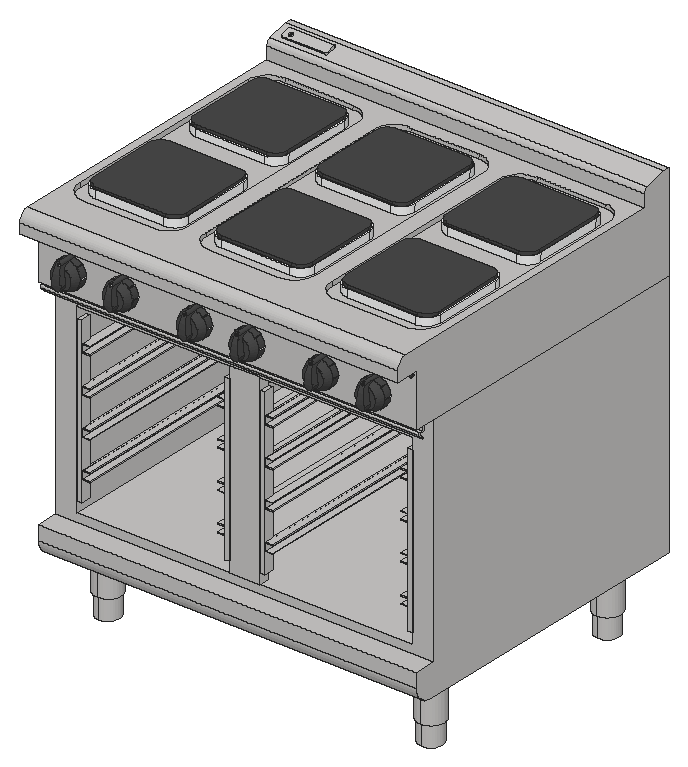
Revit family "QF_Moffat_RNL8600SE-CB_Electric_Cooktops_Sealed_Hobs_cat", category Specialty Equipment, Revit 2019
Family settings
  Round Connector Dimension = Use Diameter
  Part Type = Normal
  Work Plane-Based = No
  Always vertical = Yes
  Cut with Voids When Loaded = No
  Shared = No
  Room Calculation Point = No
Parameters (values of type "QF_Moffat_RNL8600SE-CB")
  Weight in Kilograms = 130
  Watts = 9130 W
  Volts = 415 V
  URL Cutsheet = ""
  Specification by User = ""
  Specification by Manufacturer = ""
  Serial Number = ""
  Seismic Rating = ""
  SMACNA No = ""
  Revision Code = ""
  Phase = 3
  Number of Poles = 1
  NAFEM Spec ID Number = ""
  Model = "RNL8600SE-CB"
  Min Ckt Ampacity = 0 A
  Max Overcurrent Protection = 0 A
  Masterspec = ""
  Manufacturer = "Moffat"
  Length = 900 mm
  Item Number = ""
  Installed By = ""
  Identify Quantity as Lot = yes
  Height = 970 mm
  HP = ""
  Furnished By = ""
  Foodservice Equipment Identifier = yes
  FL Amps = 22 A
  Electrical Remarks = ""
  Electric Connection Type = ""
  Elec Conn RI Height = 0 mm
  Elec Conn Connection Height = 0 mm
  Description = "Electric Cooktops Sealed Hobs"
  Depth = 805 mm
  Cycle = 60 Hz
  Conn Plug = ""
  Conn Conduit = yes
  CSI MasterFormat = ""
  Apparent Power = if(Phase = 3, Volts * FL Amps * 1.73, Volts * FL Amps)  # 15794.9 VA
Reference planes
  plane 1 "BACK": y = 0
  plane 2: z = 0
  plane 3 "LEFT": x = 0
  plane 4 "RIGHT": x = 900
  plane 5 "FRONT": y = -805
  plane 6 "TOP": z = 915
  plane 7 "Center Y": x = 450
  plane 8 "Center X": y = -402.5
  plane 9: x = 65.5
  plane 10: x = 87.5
  plane 11: x = 211.766
  plane 12: y = -30
  plane 13: x = 770
  plane 14: x = 512.5
  plane 15: x = 388.234
  plane 16: x = 834.5
  plane 17: z = 150
  plane 18: y = -100
  plane 19: y = -625
  plane 20: z = 675
  plane 21: x = 812.5
  plane 22: x = 688.234
  plane 23: z = 970
Forms (mm)
  Extrusion 1, solid, material "QF_Metal_Stainless_Polished"
    sketch origin (0, 0, 600) x (0, 1, 0) y (0, 0, 1)
      loop
        line (0, 140) -> (0, 370) -> (-15, 370) -> (-61.106, 357.646)
        arc (-61.106, 357.646) -> (-67.52, 353.36) -> (-70, 346.055) r 12
        line (-70, 346.055) -> (-70, 315) -> (-781, 315)
        arc (-781, 315) -> (-797.971, 307.971) -> (-805, 291) r 24
        line (-805, 291) -> (-805, 266) -> (-749, 266) -> (-749, 140) -> (0, 140)
    from 0 to 900
  Extrusion 2, void
    sketch origin (0, -783.97, 914.5) x (0, 1, 0) y (-1, 0, 0)
      loop
        arc (681.97, -69) -> (667.325, -33.645) -> (631.97, -19) r 50
        line (631.97, -19) -> (131.97, -19)
        arc (131.97, -19) -> (96.615, -33.645) -> (81.97, -69) r 50
        line (81.97, -69) -> (81.97, -231)
        arc (81.97, -231) -> (96.615, -266.355) -> (131.97, -281) r 50
        line (131.97, -281) -> (631.97, -281)
        arc (631.97, -281) -> (667.325, -266.355) -> (681.97, -231) r 50
        line (681.97, -231) -> (681.97, -69)
      loop
        line (681.97, -831) -> (681.97, -669)
        arc (681.97, -669) -> (667.325, -633.645) -> (631.97, -619) r 50
        line (631.97, -619) -> (131.97, -619)
        arc (131.97, -619) -> (96.615, -633.645) -> (81.97, -669) r 50
        line (81.97, -669) -> (81.97, -831)
        arc (81.97, -831) -> (96.615, -866.355) -> (131.97, -881) r 50
        line (131.97, -881) -> (631.97, -881)
        arc (631.97, -881) -> (667.325, -866.355) -> (681.97, -831) r 50
      loop
        arc (81.97, -531) -> (96.615, -566.355) -> (131.97, -581) r 50
        line (131.97, -581) -> (631.97, -581)
        arc (631.97, -581) -> (667.325, -566.355) -> (681.97, -531) r 50
        line (681.97, -531) -> (681.97, -369)
        arc (681.97, -369) -> (667.325, -333.645) -> (631.97, -319) r 50
        line (631.97, -319) -> (131.97, -319)
        arc (131.97, -319) -> (96.615, -333.645) -> (81.97, -369) r 50
        line (81.97, -369) -> (81.97, -531)
    from 0.5 to -9.5
  Extrusion 3, solid, material "QF_Plastic_White_Smooth"
    sketch origin (0, -783.97, 905) x (0, 1, 0) y (-1, 0, 0)
      loop
        arc (645.97, -68) -> (636.597, -45.373) -> (613.97, -36) r 32
        line (613.97, -36) -> (449.97, -36)
        arc (449.97, -36) -> (427.343, -45.373) -> (417.97, -68) r 32
        line (417.97, -68) -> (417.97, -232)
        arc (417.97, -232) -> (427.343, -254.627) -> (449.97, -264) r 32
        line (449.97, -264) -> (613.97, -264)
        arc (613.97, -264) -> (636.597, -254.627) -> (645.97, -232) r 32
        line (645.97, -232) -> (645.97, -68)
      loop
        arc (345.97, -68) -> (336.597, -45.373) -> (313.97, -36) r 32
        line (313.97, -36) -> (149.97, -36)
        arc (149.97, -36) -> (127.343, -45.373) -> (117.97, -68) r 32
        line (117.97, -68) -> (117.97, -232)
        arc (117.97, -232) -> (127.343, -254.627) -> (149.97, -264) r 32
        line (149.97, -264) -> (313.97, -264)
        arc (313.97, -264) -> (336.597, -254.627) -> (345.97, -232) r 32
        line (345.97, -232) -> (345.97, -68)
      loop
        arc (645.97, -368) -> (636.597, -345.373) -> (613.97, -336) r 32
        line (613.97, -336) -> (449.97, -336)
        arc (449.97, -336) -> (427.343, -345.373) -> (417.97, -368) r 32
        line (417.97, -368) -> (417.97, -532)
        arc (417.97, -532) -> (427.343, -554.627) -> (449.97, -564) r 32
        line (449.97, -564) -> (613.97, -564)
        arc (613.97, -564) -> (636.597, -554.627) -> (645.97, -532) r 32
        line (645.97, -532) -> (645.97, -368)
      loop
        arc (417.97, -832) -> (427.343, -854.627) -> (449.97, -864) r 32
        line (449.97, -864) -> (613.97, -864)
        arc (613.97, -864) -> (636.597, -854.627) -> (645.97, -832) r 32
        line (645.97, -832) -> (645.97, -668)
        arc (645.97, -668) -> (636.597, -645.373) -> (613.97, -636) r 32
        line (613.97, -636) -> (449.97, -636)
        arc (449.97, -636) -> (427.343, -645.373) -> (417.97, -668) r 32
        line (417.97, -668) -> (417.97, -832)
      loop
        arc (345.97, -368) -> (336.597, -345.373) -> (313.97, -336) r 32
        line (313.97, -336) -> (149.97, -336)
        arc (149.97, -336) -> (127.343, -345.373) -> (117.97, -368) r 32
        line (117.97, -368) -> (117.97, -532)
        arc (117.97, -532) -> (127.343, -554.627) -> (149.97, -564) r 32
        line (149.97, -564) -> (313.97, -564)
        arc (313.97, -564) -> (336.597, -554.627) -> (345.97, -532) r 32
        line (345.97, -532) -> (345.97, -368)
      loop
        arc (117.97, -832) -> (127.343, -854.627) -> (149.97, -864) r 32
        line (149.97, -864) -> (313.97, -864)
        arc (313.97, -864) -> (336.597, -854.627) -> (345.97, -832) r 32
        line (345.97, -832) -> (345.97, -668)
        arc (345.97, -668) -> (336.597, -645.373) -> (313.97, -636) r 32
        line (313.97, -636) -> (149.97, -636)
        arc (149.97, -636) -> (127.343, -645.373) -> (117.97, -668) r 32
        line (117.97, -668) -> (117.97, -832)
    from 0 to 17.8
  Extrusion 4, solid, material "QF_Plastic_Black_Smooth"
    sketch origin (0, -783.97, 922.8) x (0, 1, 0) y (-1, 0, 0)
      loop
        arc (641.97, -67) -> (634.062, -47.908) -> (614.97, -40) r 27
        line (614.97, -40) -> (448.97, -40)
        arc (448.97, -40) -> (429.878, -47.908) -> (421.97, -67) r 27
        line (421.97, -67) -> (421.97, -233)
        arc (421.97, -233) -> (429.878, -252.092) -> (448.97, -260) r 27
        line (448.97, -260) -> (614.97, -260)
        arc (614.97, -260) -> (634.062, -252.092) -> (641.97, -233) r 27
        line (641.97, -233) -> (641.97, -67)
      loop
        arc (341.97, -67) -> (334.062, -47.908) -> (314.97, -40) r 27
        line (314.97, -40) -> (148.97, -40)
        arc (148.97, -40) -> (129.878, -47.908) -> (121.97, -67) r 27
        line (121.97, -67) -> (121.97, -233)
        arc (121.97, -233) -> (129.878, -252.092) -> (148.97, -260) r 27
        line (148.97, -260) -> (314.97, -260)
        arc (314.97, -260) -> (334.062, -252.092) -> (341.97, -233) r 27
        line (341.97, -233) -> (341.97, -67)
      loop
        line (641.97, -833) -> (641.97, -667)
        arc (641.97, -667) -> (634.062, -647.908) -> (614.97, -640) r 27
        line (614.97, -640) -> (448.97, -640)
        arc (448.97, -640) -> (429.878, -647.908) -> (421.97, -667) r 27
        line (421.97, -667) -> (421.97, -833)
        arc (421.97, -833) -> (429.878, -852.092) -> (448.97, -860) r 27
        line (448.97, -860) -> (614.97, -860)
        arc (614.97, -860) -> (634.062, -852.092) -> (641.97, -833) r 27
      loop
        line (421.97, -367) -> (421.97, -533)
        arc (421.97, -533) -> (429.878, -552.092) -> (448.97, -560) r 27
        line (448.97, -560) -> (614.97, -560)
        arc (614.97, -560) -> (634.062, -552.092) -> (641.97, -533) r 27
        line (641.97, -533) -> (641.97, -367)
        arc (641.97, -367) -> (634.062, -347.908) -> (614.97, -340) r 27
        line (614.97, -340) -> (448.97, -340)
        arc (448.97, -340) -> (429.878, -347.908) -> (421.97, -367) r 27
      loop
        line (341.97, -833) -> (341.97, -667)
        arc (341.97, -667) -> (334.062, -647.908) -> (314.97, -640) r 27
        line (314.97, -640) -> (148.97, -640)
        arc (148.97, -640) -> (129.878, -647.908) -> (121.97, -667) r 27
        line (121.97, -667) -> (121.97, -833)
        arc (121.97, -833) -> (129.878, -852.092) -> (148.97, -860) r 27
        line (148.97, -860) -> (314.97, -860)
        arc (314.97, -860) -> (334.062, -852.092) -> (341.97, -833) r 27
      loop
        line (121.97, -367) -> (121.97, -533)
        arc (121.97, -533) -> (129.878, -552.092) -> (148.97, -560) r 27
        line (148.97, -560) -> (314.97, -560)
        arc (314.97, -560) -> (334.062, -552.092) -> (341.97, -533) r 27
        line (341.97, -533) -> (341.97, -367)
        arc (341.97, -367) -> (334.062, -347.908) -> (314.97, -340) r 27
        line (314.97, -340) -> (148.97, -340)
        arc (148.97, -340) -> (129.878, -347.908) -> (121.97, -367) r 27
    from 0 to 6.1
  Extrusion 5, solid, material "QF_Metal_Stainless_Polished"
    sketch origin (0, 0, 600) x (0, 1, 0) y (0, 0, 1)
      loop
        line (-699, 85) -> (0, 85) -> (0, 140) -> (-699, 140) -> (-699, 85)
    from 0 to 900
  Extrusion 6, solid, material "QF_Metal_Stainless_Polished"
    sketch origin (0, 0, 600) x (0, 1, 0) y (0, 0, 1)
      loop
        line (-730.6, 140) -> (-730.6, 130) -> (-740.105, 130)
        arc (-740.105, 130) -> (-743.076, 128.015) -> (-742.379, 124.511) r 3.215
        line (-742.379, 124.511) -> (-731.85, 113.982) -> (-730.719, 115.113) -> (-741.247, 125.642)
        arc (-741.247, 125.642) -> (-741.597, 127.403) -> (-740.105, 128.4) r 1.615
        line (-740.105, 128.4) -> (-729, 128.4) -> (-729, 140) -> (-730.6, 140)
    from 0 to 900
  Extrusion 7, solid, material "QF_Metal_Stainless_Polished"
    sketch origin (450, 175.397, 1819.2) x (0, 1, 0) y (0, 0, 1)
      loop
        line (-874.397, -1109.2) -> (-889.234, -1109.2)
        arc (-889.234, -1109.2) -> (-890.834, -1110.8) -> (-889.234, -1112.4) r 1.6
        line (-889.234, -1112.4) -> (-874.397, -1112.4) -> (-874.397, -1109.2)
    from -400 to 400
  Extrusion 8, solid, material "QF_Paint_Green"
    sketch origin (0, -749, 811.25) x (0, 0, 1) y (-1, 0, 0)
      loop
        circle (29.8, -732.5) r 7.15
      loop
        circle (29.8, -857.5) r 7.15
      loop
        circle (29.8, -431.766) r 7.15
      loop
        circle (29.8, -556.766) r 7.15
      loop
        circle (29.8, -131.031) r 7.15
      loop
        circle (29.8, -256.031) r 7.15
    from 0 to 1.6
  Extrusion 9, solid, material "QF_Plastic_Black_Smooth"
    sketch origin (0, -749, 811.25) x (0, 0, 1) y (-1, 0, 0)
      loop
        circle (42.343, -13.157) r 5
      loop
        circle (42.343, -886.843) r 5
    from 0 to 1.6
  Extrusion 10, solid, material "QF_Metal_Stainless_Polished"
    sketch origin (-6096, 287.266, 675) x (0, 1, 0) y (-1, 0, 0)
      loop
        circle (-317.266, -6866) r 6.35
    from 0 to -1.6
  Extrusion 11, solid, material "QF_Metal_Stainless_Polished"
    sketch origin (-6096, 187.719, 150) x (0, 1, 0) y (-1, 0, 0)
      loop
        line (-187.719, -6096) -> (-886.719, -6096) -> (-886.719, -6146) -> (-235.719, -6146) -> (-235.719, -6946) -> (-886.719, -6946) -> (-886.719, -6996) -> (-187.719, -6996) -> (-187.719, -6096)
    from 0 to 535
  Extrusion 12, solid, material "QF_Metal_Stainless_Polished"
    sketch origin (0, 0, 0) x (0, 1, 0) y (0, 0, 1)
      loop
        line (-48, 150) -> (-48, 242.5) -> (-699, 242.5) -> (-699, 222.5) -> (-749, 222.5) -> (-749, 188)
        arc (-749, 188) -> (-737.87, 161.13) -> (-711, 150) r 38
        line (-711, 150) -> (-48, 150)
    from 0 to 900
  Extrusion 13, solid, material "QF_Metal_Stainless_Polished"
    sketch origin (550, -48, 150) x (0, -1, 0) y (0, 0, 1)
      loop
        line (651, 92.5) -> (651, 535) -> (625.6, 535) -> (625.6, 92.5) -> (651, 92.5)
      loop
        line (0, 535) -> (0, 92.5) -> (25.4, 92.5) -> (25.4, 535) -> (0, 535)
    from 64.5 to 135.5
  Extrusion 14, solid, material "QF_Metal_Stainless_Polished"
    sketch origin (414.5, -48, 150) x (0, -1, 0) y (0, 0, 1)
      loop
        line (651, 507.5) -> (625.6, 507.5) -> (625.6, 117.5) -> (651, 117.5) -> (651, 507.5)
      loop
        line (25.4, 117.5) -> (25.4, 507.5) -> (0, 507.5) -> (0, 117.5) -> (25.4, 117.5)
    from 0 to 11.3
  Extrusion 15, solid, material "QF_Metal_Stainless_Polished"
    sketch origin (50, 0, 150) x (0, -1, 0) y (0, 0, -1)
      loop
        line (699, -507.5) -> (699, -117.5) -> (673.6, -117.5) -> (673.6, -507.5) -> (699, -507.5)
      loop
        line (75.4, -117.5) -> (48, -117.5) -> (48, -507.5) -> (75.4, -507.5) -> (75.4, -117.5)
    from 0 to 11.3
  Extrusion 16, solid, material "QF_Metal_Stainless_Polished"
    sketch origin (50, -48, 267.5) x (0, 0, 1) y (1, 0, 0)
      loop
        line (320, 334.2) -> (321.6, 334.2) -> (321.6, 351.6) -> (338.4, 351.6) -> (338.4, 334.2) -> (340, 334.2) -> (340, 353.2) -> (320, 353.2) -> (320, 334.2)
      loop
        line (230, 334.2) -> (231.6, 334.2) -> (231.6, 351.6) -> (248.4, 351.6) -> (248.4, 334.2) -> (250, 334.2) -> (250, 353.2) -> (230, 353.2) -> (230, 334.2)
      loop
        line (140, 334.2) -> (141.6, 334.2) -> (141.6, 351.6) -> (158.4, 351.6) -> (158.4, 334.2) -> (160, 334.2) -> (160, 353.2) -> (140, 353.2) -> (140, 334.2)
      loop
        line (50, 334.2) -> (51.6, 334.2) -> (51.6, 351.6) -> (68.4, 351.6) -> (68.4, 334.2) -> (70, 334.2) -> (70, 353.2) -> (50, 353.2) -> (50, 334.2)
    from 0 to -649
  Extrusion 17, solid, material "QF_Metal_Stainless_Polished"
    sketch origin (50, -48, 267.5) x (0, 0, 1) y (1, 0, 0)
      loop
        line (320, 30.3) -> (320, 11.3) -> (340, 11.3) -> (340, 30.3) -> (338.4, 30.3) -> (338.4, 12.9) -> (321.6, 12.9) -> (321.6, 30.3) -> (320, 30.3)
      loop
        line (230, 30.3) -> (230, 11.3) -> (250, 11.3) -> (250, 30.3) -> (248.4, 30.3) -> (248.4, 12.9) -> (231.6, 12.9) -> (231.6, 30.3) -> (230, 30.3)
      loop
        line (140, 30.3) -> (140, 11.3) -> (160, 11.3) -> (160, 30.3) -> (158.4, 30.3) -> (158.4, 12.9) -> (141.6, 12.9) -> (141.6, 30.3) -> (140, 30.3)
      loop
        line (50, 30.3) -> (50, 11.3) -> (70, 11.3) -> (70, 30.3) -> (68.4, 30.3) -> (68.4, 12.9) -> (51.6, 12.9) -> (51.6, 30.3) -> (50, 30.3)
    from 0 to -649
  Revolve 18, solid, material "QF_Metal_Stainless_Polished"
    sketch origin (65.5, -4572, -304.8) x (0, 0, -1) y (0, -1, 0)
      loop
        line (-304.8, -3947) -> (-454.8, -3947) -> (-454.8, -3978.75) -> (-354.8, -3978.75) -> (-354.8, -3974.5) -> (-304.8, -3974.5) -> (-304.8, -3947)
      axis (-454.8, -3947) -> (-304.8, -3947)
    angle from 0 to 360
  Revolve 19, solid, material "QF_Metal_Stainless_Polished"
    sketch origin (834.5, -4572, -304.8) x (0, 0, -1) y (0, 1, 0)
      loop
        line (-304.8, 3947) -> (-304.8, 3974.5) -> (-354.8, 3974.5) -> (-354.8, 3978.75) -> (-454.8, 3978.75) -> (-454.8, 3947) -> (-304.8, 3947)
      axis (-454.8, 3947) -> (-304.8, 3947)
    angle from 0 to 360
  Extrusion 20, solid, material "QF_Metal_Stainless_Polished"
    sketch origin (485.5, -48, 150) x (0, -1, 0) y (0, 0, -1)
      loop
        line (651, -507.5) -> (651, -117.5) -> (625.6, -117.5) -> (625.6, -507.5) -> (651, -507.5)
      loop
        line (25.4, -117.5) -> (0, -117.5) -> (0, -507.5) -> (25.4, -507.5) -> (25.4, -117.5)
    from 0 to 11.3
  Extrusion 21, solid, material "QF_Metal_Stainless_Polished"
    sketch origin (850, 0, 150) x (0, -1, 0) y (0, 0, 1)
      loop
        line (699, 507.5) -> (673.6, 507.5) -> (673.6, 117.5) -> (699, 117.5) -> (699, 507.5)
      loop
        line (75.4, 117.5) -> (75.4, 507.5) -> (48, 507.5) -> (48, 117.5) -> (75.4, 117.5)
    from 0 to 11.3
  Extrusion 22, solid, material "QF_Metal_Stainless_Polished"
    sketch origin (850, -48, 267.5) x (0, 0, 1) y (1, 0, 0)
      loop
        line (320, -334.2) -> (320, -353.2) -> (340, -353.2) -> (340, -334.2) -> (338.4, -334.2) -> (338.4, -351.6) -> (321.6, -351.6) -> (321.6, -334.2) -> (320, -334.2)
      loop
        line (230, -334.2) -> (230, -353.2) -> (250, -353.2) -> (250, -334.2) -> (248.4, -334.2) -> (248.4, -351.6) -> (231.6, -351.6) -> (231.6, -334.2) -> (230, -334.2)
      loop
        line (140, -334.2) -> (140, -353.2) -> (160, -353.2) -> (160, -334.2) -> (158.4, -334.2) -> (158.4, -351.6) -> (141.6, -351.6) -> (141.6, -334.2) -> (140, -334.2)
      loop
        line (50, -334.2) -> (50, -353.2) -> (70, -353.2) -> (70, -334.2) -> (68.4, -334.2) -> (68.4, -351.6) -> (51.6, -351.6) -> (51.6, -334.2) -> (50, -334.2)
    from 0 to -649
  Extrusion 23, solid, material "QF_Metal_Stainless_Polished"
    sketch origin (850, -48, 267.5) x (0, 0, 1) y (1, 0, 0)
      loop
        line (320, -30.3) -> (321.6, -30.3) -> (321.6, -12.9) -> (338.4, -12.9) -> (338.4, -30.3) -> (340, -30.3) -> (340, -11.3) -> (320, -11.3) -> (320, -30.3)
      loop
        line (230, -30.3) -> (231.6, -30.3) -> (231.6, -12.9) -> (248.4, -12.9) -> (248.4, -30.3) -> (250, -30.3) -> (250, -11.3) -> (230, -11.3) -> (230, -30.3)
      loop
        line (140, -30.3) -> (141.6, -30.3) -> (141.6, -12.9) -> (158.4, -12.9) -> (158.4, -30.3) -> (160, -30.3) -> (160, -11.3) -> (140, -11.3) -> (140, -30.3)
      loop
        line (50, -30.3) -> (51.6, -30.3) -> (51.6, -12.9) -> (68.4, -12.9) -> (68.4, -30.3) -> (70, -30.3) -> (70, -11.3) -> (50, -11.3) -> (50, -30.3)
    from 0 to -649
  Revolve 24, solid, material "QF_Metal_Stainless_Polished"
    sketch origin (65.5, 3847, -304.8) x (0, 0, -1) y (0, -1, 0)
      loop
        line (-304.8, 3947) -> (-304.8, 3974.5) -> (-354.8, 3974.5) -> (-354.8, 3978.75) -> (-454.8, 3978.75) -> (-454.8, 3947) -> (-304.8, 3947)
      axis (-454.8, 3947) -> (-304.8, 3947)
    angle from 0 to 360
  Revolve 25, solid, material "QF_Metal_Stainless_Polished"
    sketch origin (834.5, 3847, -304.8) x (0, 0, -1) y (0, 1, 0)
      loop
        line (-304.8, -3947) -> (-454.8, -3947) -> (-454.8, -3978.75) -> (-354.8, -3978.75) -> (-354.8, -3974.5) -> (-304.8, -3974.5) -> (-304.8, -3947)
      axis (-454.8, -3947) -> (-304.8, -3947)
    angle from 0 to 360
Cuts and joins
  Extrusion 2 cuts Extrusion 1
  joined: Extrusion 5, Extrusion 11, Extrusion 12
Lines and regions (mm)
  symbolic lines
    curve 1: line (0, 0, 0) -> (900, 0, 0)
    curve 2: line (0, -805, 0) -> (0, 0, 0)
    curve 3: line (900, -805, 0) -> (0, -805, 0)
    curve 4: line (900, 0, 0) -> (900, -805, 0)
    curve 5: line (231, -702, 0) -> (69, -702, 0)
    curve 6: arc (69, -702, 0) -> (33.645, -687.355, 0) -> (19, -652, 0) r 50
    curve 7: line (19, -652, 0) -> (19, -152, 0)
    curve 8: arc (19, -152, 0) -> (33.645, -116.645, 0) -> (69, -102, 0) r 50
    curve 9: line (69, -102, 0) -> (231, -102, 0)
    curve 10: arc (231, -102, 0) -> (266.355, -116.645, 0) -> (281, -152, 0) r 50
    curve 11: line (281, -152, 0) -> (281, -652, 0)
    curve 12: arc (281, -652, 0) -> (266.355, -687.355, 0) -> (231, -702, 0) r 50
    curve 13: arc (369, -702, 0) -> (333.645, -687.355, 0) -> (319, -652, 0) r 50
    curve 14: line (319, -652, 0) -> (319, -152, 0)
    curve 15: arc (319, -152, 0) -> (333.645, -116.645, 0) -> (369, -102, 0) r 50
    curve 16: line (369, -102, 0) -> (531, -102, 0)
    curve 17: arc (531, -102, 0) -> (566.355, -116.645, 0) -> (581, -152, 0) r 50
    curve 18: line (581, -152, 0) -> (581, -652, 0)
    curve 19: arc (581, -652, 0) -> (566.355, -687.355, 0) -> (531, -702, 0) r 50
    curve 20: line (531, -702, 0) -> (369, -702, 0)
    curve 21: arc (669, -702, 0) -> (633.645, -687.355, 0) -> (619, -652, 0) r 50
    curve 22: line (619, -652, 0) -> (619, -152, 0)
    curve 23: arc (619, -152, 0) -> (633.645, -116.645, 0) -> (669, -102, 0) r 50
    curve 24: line (669, -102, 0) -> (831, -102, 0)
    curve 25: arc (831, -102, 0) -> (866.355, -116.645, 0) -> (881, -152, 0) r 50
    curve 26: line (881, -152, 0) -> (881, -652, 0)
    curve 27: arc (881, -652, 0) -> (866.355, -687.355, 0) -> (831, -702, 0) r 50
    curve 28: line (831, -702, 0) -> (669, -702, 0)
    curve 29: arc (532, -666, 0) -> (554.627, -656.627, 0) -> (564, -634, 0) r 32
    curve 30: line (564, -634, 0) -> (564, -470, 0)
    curve 31: arc (564, -470, 0) -> (554.627, -447.373, 0) -> (532, -438, 0) r 32
    curve 32: line (532, -438, 0) -> (368, -438, 0)
    curve 33: arc (368, -438, 0) -> (345.373, -447.373, 0) -> (336, -470, 0) r 32
    curve 34: line (336, -470, 0) -> (336, -634, 0)
    curve 35: arc (336, -634, 0) -> (345.373, -656.627, 0) -> (368, -666, 0) r 32
    curve 36: line (368, -666, 0) -> (532, -666, 0)
    curve 37: arc (533, -662, 0) -> (552.092, -654.092, 0) -> (560, -635, 0) r 27
    curve 38: line (560, -635, 0) -> (560, -469, 0)
    curve 39: arc (560, -469, 0) -> (552.092, -449.908, 0) -> (533, -442, 0) r 27
    curve 40: line (533, -442, 0) -> (367, -442, 0)
    curve 41: arc (367, -442, 0) -> (347.908, -449.908, 0) -> (340, -469, 0) r 27
    curve 42: line (340, -469, 0) -> (340, -635, 0)
    curve 43: arc (340, -635, 0) -> (347.908, -654.092, 0) -> (367, -662, 0) r 27
    curve 44: line (367, -662, 0) -> (533, -662, 0)
    curve 45: line (668, -666, 0) -> (832, -666, 0)
    curve 46: arc (832, -666, 0) -> (854.627, -656.627, 0) -> (864, -634, 0) r 32
    curve 47: line (864, -634, 0) -> (864, -470, 0)
    curve 48: arc (864, -470, 0) -> (854.627, -447.373, 0) -> (832, -438, 0) r 32
    curve 49: line (832, -438, 0) -> (668, -438, 0)
    curve 50: arc (668, -438, 0) -> (645.373, -447.373, 0) -> (636, -470, 0) r 32
    curve 51: line (636, -470, 0) -> (636, -634, 0)
    curve 52: arc (636, -634, 0) -> (645.373, -656.627, 0) -> (668, -666, 0) r 32
    curve 53: line (667, -662, 0) -> (833, -662, 0)
    curve 54: arc (833, -662, 0) -> (852.092, -654.092, 0) -> (860, -635, 0) r 27
    curve 55: line (860, -635, 0) -> (860, -469, 0)
    curve 56: arc (860, -469, 0) -> (852.092, -449.908, 0) -> (833, -442, 0) r 27
    curve 57: line (833, -442, 0) -> (667, -442, 0)
    curve 58: arc (667, -442, 0) -> (647.908, -449.908, 0) -> (640, -469, 0) r 27
    curve 59: line (640, -469, 0) -> (640, -635, 0)
    curve 60: arc (640, -635, 0) -> (647.908, -654.092, 0) -> (667, -662, 0) r 27
    curve 61: arc (636, -334, 0) -> (645.373, -356.627, 0) -> (668, -366, 0) r 32
    curve 62: line (668, -366, 0) -> (832, -366, 0)
    curve 63: arc (832, -366, 0) -> (854.627, -356.627, 0) -> (864, -334, 0) r 32
    curve 64: line (864, -334, 0) -> (864, -170, 0)
    curve 65: arc (864, -170, 0) -> (854.627, -147.373, 0) -> (832, -138, 0) r 32
    curve 66: line (832, -138, 0) -> (668, -138, 0)
    curve 67: arc (668, -138, 0) -> (645.373, -147.373, 0) -> (636, -170, 0) r 32
    curve 68: line (636, -170, 0) -> (636, -334, 0)
    curve 69: arc (640, -335, 0) -> (647.908, -354.092, 0) -> (667, -362, 0) r 27
    curve 70: line (667, -362, 0) -> (833, -362, 0)
    curve 71: arc (833, -362, 0) -> (852.092, -354.092, 0) -> (860, -335, 0) r 27
    curve 72: line (860, -335, 0) -> (860, -169, 0)
    curve 73: arc (860, -169, 0) -> (852.092, -149.908, 0) -> (833, -142, 0) r 27
    curve 74: line (833, -142, 0) -> (667, -142, 0)
    curve 75: arc (667, -142, 0) -> (647.908, -149.908, 0) -> (640, -169, 0) r 27
    curve 76: line (640, -169, 0) -> (640, -335, 0)
    curve 77: arc (533, -362, 0) -> (552.092, -354.092, 0) -> (560, -335, 0) r 27
    curve 78: line (560, -335, 0) -> (560, -169, 0)
    curve 79: arc (560, -169, 0) -> (552.092, -149.908, 0) -> (533, -142, 0) r 27
    curve 80: line (533, -142, 0) -> (367, -142, 0)
    curve 81: arc (367, -142, 0) -> (347.908, -149.908, 0) -> (340, -169, 0) r 27
    curve 82: line (340, -169, 0) -> (340, -335, 0)
    curve 83: arc (340, -335, 0) -> (347.908, -354.092, 0) -> (367, -362, 0) r 27
    curve 84: line (367, -362, 0) -> (533, -362, 0)
    curve 85: arc (532, -366, 0) -> (554.627, -356.627, 0) -> (564, -334, 0) r 32
    curve 86: line (564, -334, 0) -> (564, -170, 0)
    curve 87: arc (564, -170, 0) -> (554.627, -147.373, 0) -> (532, -138, 0) r 32
    curve 88: line (532, -138, 0) -> (368, -138, 0)
    curve 89: arc (368, -138, 0) -> (345.373, -147.373, 0) -> (336, -170, 0) r 32
    curve 90: line (336, -170, 0) -> (336, -334, 0)
    curve 91: arc (336, -334, 0) -> (345.373, -356.627, 0) -> (368, -366, 0) r 32
    curve 92: line (368, -366, 0) -> (532, -366, 0)
    curve 93: arc (233, -362, 0) -> (252.092, -354.092, 0) -> (260, -335, 0) r 27
    curve 94: line (260, -335, 0) -> (260, -169, 0)
    curve 95: arc (260, -169, 0) -> (252.092, -149.908, 0) -> (233, -142, 0) r 27
    curve 96: line (233, -142, 0) -> (67, -142, 0)
    curve 97: arc (67, -142, 0) -> (47.908, -149.908, 0) -> (40, -169, 0) r 27
    curve 98: line (40, -169, 0) -> (40, -335, 0)
    curve 99: arc (40, -335, 0) -> (47.908, -354.092, 0) -> (67, -362, 0) r 27
    curve 100: line (67, -362, 0) -> (233, -362, 0)
    curve 101: arc (232, -366, 0) -> (254.627, -356.627, 0) -> (264, -334, 0) r 32
    curve 102: line (264, -334, 0) -> (264, -170, 0)
    curve 103: arc (264, -170, 0) -> (254.627, -147.373, 0) -> (232, -138, 0) r 32
    curve 104: line (232, -138, 0) -> (68, -138, 0)
    curve 105: arc (68, -138, 0) -> (45.373, -147.373, 0) -> (36, -170, 0) r 32
    curve 106: line (36, -170, 0) -> (36, -334, 0)
    curve 107: arc (36, -334, 0) -> (45.373, -356.627, 0) -> (68, -366, 0) r 32
    curve 108: line (68, -366, 0) -> (232, -366, 0)
    curve 109: arc (260, -469, 0) -> (252.092, -449.908, 0) -> (233, -442, 0) r 27
    curve 110: line (233, -442, 0) -> (67, -442, 0)
    curve 111: arc (67, -442, 0) -> (47.908, -449.908, 0) -> (40, -469, 0) r 27
    curve 112: line (40, -469, 0) -> (40, -635, 0)
    curve 113: arc (40, -635, 0) -> (47.908, -654.092, 0) -> (67, -662, 0) r 27
    curve 114: line (67, -662, 0) -> (233, -662, 0)
    curve 115: arc (233, -662, 0) -> (252.092, -654.092, 0) -> (260, -635, 0) r 27
    curve 116: line (260, -635, 0) -> (260, -469, 0)
    curve 117: arc (264, -470, 0) -> (254.627, -447.373, 0) -> (232, -438, 0) r 32
    curve 118: line (232, -438, 0) -> (68, -438, 0)
    curve 119: arc (68, -438, 0) -> (45.373, -447.373, 0) -> (36, -470, 0) r 32
    curve 120: line (36, -470, 0) -> (36, -634, 0)
    curve 121: arc (36, -634, 0) -> (45.373, -656.627, 0) -> (68, -666, 0) r 32
    curve 122: line (68, -666, 0) -> (232, -666, 0)
    curve 123: arc (232, -666, 0) -> (254.627, -656.627, 0) -> (264, -634, 0) r 32
    curve 124: line (264, -634, 0) -> (264, -470, 0)
    curve 125: line (0, -15, 0) -> (900, -15, 0)
    curve 126: line (0, -70, 0) -> (900, -70, 0)
Dimensions and locks
  equal spacing: plane 3 "LEFT", plane 7 "Center Y", plane 4 "RIGHT"
  "Length": plane 3 "LEFT" to plane 4 "RIGHT"
  equal spacing: plane 5 "FRONT", plane 8 "Center X", plane 1 "BACK"
  "Depth": plane 5 "FRONT" to plane 1 "BACK"
  "Height": plane 23 to level
  plane 4 "RIGHT" to plane 3 "LEFT" = 900 mm
  plane 1 "BACK" to plane 5 "FRONT" = 805 mm
  plane 6 "TOP" to plane 2 = 915 mm
  locked: plane 13 to plane 4 "RIGHT" at 130
  plane 9 to plane 16 = 769 mm
  plane 17 to plane 2 = 150 mm
  plane 1 "BACK" to plane 18 = 100 mm
  plane 18 to plane 19 = 525 mm
  plane 20 to plane 2 = 675 mm
  plane 1 "BACK" to plane 12 = 30 mm
  aligned and locked: level to plane 2
Automatic sketch dimensions
  Extrusion 6 sketch curve to Extrusion 6 sketch curve = 0 mm  (x2)
  Extrusion 6 sketch curve to plane 5 "FRONT" = 62.621 mm
  Extrusion 6 sketch curve to Extrusion 6 sketch curve = 1.131 mm  (x2)
  Extrusion 6 sketch curve to Extrusion 6 sketch curve = 1.142 mm  (x2)
  plane 20 to Extrusion 6 sketch curve = 38.982 mm
  Extrusion 6 sketch curve to Extrusion 6 sketch curve = 10.529 mm
  plane 20 to Extrusion 6 sketch curve = 40.113 mm
  Extrusion 6 sketch curve to Extrusion 6 sketch curve = 9.505 mm
  Extrusion 6 sketch curve to Extrusion 6 sketch curve = 1.6 mm
  Extrusion 6 sketch curve to Extrusion 6 sketch curve = 10 mm
  plane 20 to Extrusion 7 sketch curve = 35 mm
  Extrusion 7 sketch curve to plane 5 "FRONT" = 91.163 mm
  Extrusion 7 sketch curve to Extrusion 7 sketch curve = 14.837 mm
  Extrusion 7 sketch curve to Extrusion 7 sketch curve = 1.6 mm
  Extrusion 1 to Extrusion 8 sketch curve = 42.5 mm
  Extrusion 8 sketch curve to Extrusion 8 sketch curve = 125 mm  (x3)
  Extrusion 8 sketch curve to Extrusion 8 sketch curve = 175.734 mm  (x2)
  Extrusion 1 to Extrusion 9 sketch curve = 13.157 mm  (x2)
  plane 12 to Extrusion 10 sketch curve = 0 mm
  Extrusion 10 sketch curve to plane 13 = 0 mm
  Extrusion 11 sketch curve to plane 3 "LEFT" = 0 mm
  Extrusion 11 sketch curve to plane 4 "RIGHT" = 0 mm
  plane 1 "BACK" to Extrusion 11 sketch curve = 0 mm
  plane 12 to Extrusion 11 sketch curve = 18 mm
  plane 9 to Extrusion 11 sketch curve = 15.5 mm
  plane 19 to Extrusion 11 sketch curve = 74 mm  (x2)
  plane 16 to Extrusion 11 sketch curve = 15.5 mm
  plane 12 to Extrusion 13 sketch curve = 18 mm
  plane 20 to Extrusion 13 sketch curve = 10 mm  (x2)
  Extrusion 13 sketch curve to Extrusion 13 sketch curve = 25.4 mm  (x2)
  plane 19 to Extrusion 13 sketch curve = 48.6 mm
  plane 17 to Extrusion 13 sketch curve = 92.5 mm  (x2)
  Extrusion 14 sketch curve to Extrusion 13 = 0 mm  (x4)
  Extrusion 14 sketch curve to Extrusion 13 = 25 mm  (x2)
  Extrusion 14 sketch curve to Extrusion 13 = 27.5 mm  (x2)
  plane 12 to Extrusion 15 sketch curve = 18 mm
  Extrusion 15 sketch curve to plane 18 = 24.6 mm
  Extrusion 15 sketch curve to plane 20 = 17.5 mm  (x2)
  plane 19 to Extrusion 15 sketch curve = 48.6 mm
  Extrusion 15 sketch curve to Extrusion 15 sketch curve = 25.4 mm
  plane 17 to Extrusion 15 sketch curve = 117.5 mm  (x2)
  Extrusion 16 sketch curve to Extrusion 15 = 50 mm
  Extrusion 16 sketch curve to Extrusion 16 sketch curve = 1.6 mm  (x12)
  Extrusion 16 sketch curve to Extrusion 16 sketch curve = 16.8 mm  (x4)
  Extrusion 16 sketch curve to Extrusion 16 sketch curve = 70 mm  (x3)
  Extrusion 16 sketch curve to Extrusion 15 = 322.9 mm
  Extrusion 16 sketch curve to Extrusion 16 sketch curve = 0 mm  (x7)
  Extrusion 16 sketch curve to Extrusion 16 sketch curve = 17.4 mm  (x4)
  Extrusion 15 to Extrusion 17 sketch curve = 0 mm  (x4)
  Extrusion 17 sketch curve to Extrusion 15 = 19 mm  (x4)
  Extrusion 17 sketch curve to Extrusion 15 = 50 mm
  Extrusion 17 sketch curve to Extrusion 17 sketch curve = 1.6 mm  (x8)
  Extrusion 17 sketch curve to Extrusion 15 = 1.6 mm  (x4)
  Extrusion 17 sketch curve to Extrusion 17 sketch curve = 16.8 mm  (x4)
  Extrusion 17 sketch curve to Extrusion 17 sketch curve = 70 mm  (x3)
  Extrusion 17 sketch curve to Extrusion 17 sketch curve = 17.4 mm  (x3)
  Extrusion 17 sketch curve to Extrusion 17 sketch curve = 0 mm
  Revolve 18 sketch curve to plane 17 = 0 mm
  Revolve 18 sketch curve to level = 0 mm  (x2)
  Revolve 18 sketch curve to plane 19 = 0 mm  (x2)
  Revolve 18 sketch curve to Revolve 18 sketch curve = 50 mm
  Revolve 18 sketch curve to plane 19 = 27.5 mm
  Revolve 18 sketch curve to plane 19 = 31.75 mm
  Revolve 18 sketch curve to Revolve 18 sketch curve = 35 mm
  Revolve 19 sketch curve to plane 17 = 0 mm
  Revolve 19 sketch curve to level = 0 mm  (x2)
  Revolve 19 sketch curve to plane 19 = 0 mm  (x2)
  level to Revolve 19 sketch curve = 50 mm
  Revolve 19 sketch curve to Revolve 19 sketch curve = 27.5 mm
  Revolve 19 sketch curve to Revolve 19 sketch curve = 31.75 mm
  Revolve 19 sketch curve to Revolve 19 sketch curve = 35 mm
  plane 12 to Extrusion 20 sketch curve = 18 mm
  Extrusion 20 sketch curve to Extrusion 20 sketch curve = 25.4 mm  (x2)
  Extrusion 20 sketch curve to plane 20 = 17.5 mm  (x2)
  plane 19 to Extrusion 20 sketch curve = 48.6 mm
  plane 17 to Extrusion 20 sketch curve = 117.5 mm  (x2)
  plane 12 to Extrusion 21 sketch curve = 18 mm
  Extrusion 21 sketch curve to plane 18 = 24.6 mm
  Extrusion 21 sketch curve to plane 20 = 17.5 mm  (x2)
  plane 19 to Extrusion 21 sketch curve = 48.6 mm
  Extrusion 21 sketch curve to Extrusion 21 sketch curve = 25.4 mm
  plane 17 to Extrusion 21 sketch curve = 117.5 mm  (x2)
  Extrusion 22 sketch curve to Extrusion 21 = 50 mm
  Extrusion 22 sketch curve to Extrusion 22 sketch curve = 1.6 mm  (x12)
  Extrusion 22 sketch curve to Extrusion 22 sketch curve = 16.8 mm  (x4)
  Extrusion 22 sketch curve to Extrusion 22 sketch curve = 70 mm  (x3)
  Extrusion 22 sketch curve to Extrusion 21 = 341.9 mm
  Extrusion 22 sketch curve to Extrusion 22 sketch curve = 0 mm  (x4)
  Extrusion 22 sketch curve to Extrusion 22 sketch curve = 17.4 mm  (x7)
  Extrusion 23 sketch curve to Extrusion 21 = 0 mm  (x4)
  Extrusion 23 sketch curve to Extrusion 21 = 19 mm  (x4)
  Extrusion 23 sketch curve to Extrusion 21 = 50 mm
  Extrusion 23 sketch curve to Extrusion 23 sketch curve = 1.6 mm  (x8)
  Extrusion 23 sketch curve to Extrusion 21 = 1.6 mm  (x4)
  Extrusion 23 sketch curve to Extrusion 23 sketch curve = 16.8 mm  (x4)
  Extrusion 23 sketch curve to Extrusion 23 sketch curve = 70 mm  (x3)
  Extrusion 23 sketch curve to Extrusion 23 sketch curve = 0 mm  (x2)
  Extrusion 23 sketch curve to Extrusion 23 sketch curve = 17.4 mm  (x2)
  Revolve 24 sketch curve to plane 17 = 0 mm
  Revolve 24 sketch curve to level = 0 mm  (x2)
  Revolve 24 sketch curve to Revolve 24 sketch curve = 50 mm
  plane 18 to Revolve 24 sketch curve = 0 mm
  Revolve 24 sketch curve to Revolve 24 sketch curve = 27.5 mm
  Revolve 24 sketch curve to Revolve 24 sketch curve = 31.75 mm
  Revolve 24 sketch curve to level = 35 mm
  Revolve 24 sketch curve to Revolve 24 sketch curve = 0 mm
  Revolve 25 sketch curve to plane 17 = 0 mm
  Revolve 25 sketch curve to level = 0 mm  (x2)
  Revolve 25 sketch curve to Revolve 25 sketch curve = 50 mm
  plane 18 to Revolve 25 sketch curve = 31.75 mm
  Revolve 25 sketch curve to Revolve 25 sketch curve = 4.25 mm
  Revolve 25 sketch curve to Revolve 25 sketch curve = 27.5 mm
  Revolve 25 sketch curve to level = 35 mm
  Revolve 25 sketch curve to Revolve 25 sketch curve = 0 mm
  Extrusion 8 sketch curve to Extrusion 1 = 24.95 mm  (x6)
  Extrusion 9 sketch curve to Extrusion 1 = 12.407 mm  (x2)
  Extrusion 12 sketch curve to plane 17 = 0 mm
  Extrusion 12 sketch curve to plane 5 "FRONT" = 56 mm
  plane 12 to Extrusion 12 sketch curve = 18 mm
  plane 17 to Extrusion 12 sketch curve = 38 mm
  Extrusion 12 sketch curve to Extrusion 12 sketch curve = 20 mm
  Extrusion 12 sketch curve to Extrusion 12 sketch curve = 12 mm
  Extrusion 12 sketch curve to Extrusion 12 sketch curve = 34.5 mm
  Extrusion 2 sketch curve to plane 16 = 3.5 mm  (x2)
  plane 19 to Extrusion 2 sketch curve = 77 mm  (x3)
  plane 15 to Extrusion 2 sketch curve = 19.234 mm
  Extrusion 2 sketch curve to plane 9 = 3.5 mm  (x2)
  plane 19 to Extrusion 2 sketch curve = 27 mm  (x5)
  plane 22 to Extrusion 2 sketch curve = 19.234 mm
  plane 4 "RIGHT" to Extrusion 2 sketch curve = 19 mm
  plane 18 to Extrusion 2 sketch curve = 52 mm  (x4)
  plane 11 to Extrusion 2 sketch curve = 19.234 mm
  Extrusion 2 sketch curve to Extrusion 2 sketch curve = 50 mm
  Extrusion 2 sketch curve to Extrusion 2 sketch curve = 0 mm
  plane 18 to Extrusion 2 sketch curve = 2 mm
  Extrusion 2 sketch curve to Extrusion 2 sketch curve = 38 mm
  plane 1 "BACK" to curve 1 = 0 mm
  curve 1 to plane 3 "LEFT" = 0 mm
  plane 5 "FRONT" to curve 3 = 0 mm
  plane 3 "LEFT" to curve 7 = 19 mm
  plane 9 to curve 106 = 29.5 mm
  plane 19 to curve 120 = 9 mm
  curve 7 to curve 120 = 17 mm
  curve 121 to curve 112 = 4 mm
  curve 105 to curve 98 = 4 mm
  curve 110 to plane 9 = 1.5 mm
  curve 96 to plane 9 = 1.5 mm
  curve 100 to plane 9 = 1.5 mm
  curve 113 to plane 9 = 1.5 mm
  curve 97 to curve 105 = 1 mm
  curve 99 to curve 107 = 1 mm
  curve 122 to plane 9 = 2.5 mm
  curve 118 to plane 9 = 2.5 mm
  curve 8 to plane 9 = 3.5 mm
  curve 5 to plane 9 = 3.5 mm
  plane 11 to curve 12 = 19.234 mm
  plane 11 to curve 10 = 19.234 mm
  plane 19 to curve 123 = 9 mm
  curve 12 to curve 123 = 1 mm
  plane 11 to curve 108 = 20.234 mm
  plane 11 to curve 117 = 20.234 mm
  curve 10 to curve 103 = 1 mm
  curve 101 to curve 93 = 1 mm
  curve 117 to curve 109 = 1 mm
  curve 103 to curve 96 = 1 mm
  curve 123 to curve 114 = 1 mm
  curve 116 to curve 123 = 4 mm
  curve 95 to curve 94 = 27 mm
  curve 93 to curve 102 = 4 mm
  curve 124 to curve 11 = 17 mm
  curve 10 to curve 14 = 38 mm
  curve 15 to curve 90 = 17 mm
  plane 19 to curve 34 = 9 mm
  curve 13 to curve 34 = 17 mm
  curve 89 to curve 82 = 4 mm
  curve 34 to curve 42 = 4 mm
  plane 19 to curve 43 = 10 mm
  plane 15 to curve 43 = 21.234 mm
  plane 15 to curve 84 = 21.234 mm
  plane 15 to curve 40 = 21.234 mm
  plane 15 to curve 81 = 21.234 mm
  curve 80 to curve 88 = 1 mm
  curve 41 to curve 33 = 1 mm
  curve 83 to curve 91 = 1 mm
  curve 43 to curve 35 = 1 mm
  curve 43 to curve 13 = 2 mm
  plane 18 to curve 16 = 2 mm
  plane 15 to curve 16 = 19.234 mm
  plane 14 to curve 20 = 18.5 mm
  plane 14 to curve 16 = 18.5 mm
  plane 14 to curve 32 = 19.5 mm
  plane 14 to curve 92 = 19.5 mm
  plane 19 to curve 29 = 9 mm
  curve 19 to curve 29 = 1 mm
  curve 17 to curve 88 = 1 mm
  curve 92 to curve 84 = 1 mm
  curve 31 to curve 40 = 1 mm
  curve 87 to curve 80 = 1 mm
  curve 29 to curve 37 = 1 mm
  curve 38 to curve 29 = 4 mm
  curve 77 to curve 78 = 27 mm
  curve 78 to curve 86 = 4 mm
  curve 30 to curve 18 = 17 mm
  curve 18 to curve 22 = 38 mm
  plane 22 to curve 51 = 52.234 mm
  curve 23 to curve 68 = 17 mm
  curve 50 to curve 59 = 4 mm
  curve 67 to curve 76 = 4 mm
  plane 22 to curve 74 = 21.234 mm
  plane 22 to curve 57 = 21.234 mm
  plane 22 to curve 70 = 21.234 mm
  plane 19 to curve 60 = 10 mm
  plane 22 to curve 60 = 21.234 mm
  curve 69 to curve 61 = 1 mm
  curve 75 to curve 66 = 1 mm
  curve 60 to curve 52 = 1 mm
  curve 57 to curve 49 = 1 mm
  plane 22 to curve 28 = 19.234 mm
  curve 74 to curve 23 = 2 mm
  curve 24 to plane 16 = 3.5 mm
  curve 27 to plane 16 = 3.5 mm
  curve 46 to plane 16 = 2.5 mm
  curve 63 to plane 16 = 2.5 mm
  curve 66 to plane 16 = 2.5 mm
  curve 49 to plane 16 = 2.5 mm
  curve 65 to curve 73 = 1 mm  (x2)
  curve 46 to curve 54 = 1 mm
  curve 63 to curve 71 = 1 mm
  curve 48 to curve 56 = 1 mm
  plane 19 to curve 55 = 10 mm
  plane 16 to curve 72 = 25.5 mm
  curve 54 to curve 47 = 4 mm
  curve 71 to curve 64 = 4 mm
  plane 4 "RIGHT" to curve 26 = 19 mm
  curve 20 to curve 36 = 36 mm
  curve 5 to curve 122 = 36 mm
  curve 28 to curve 53 = 40 mm
  curve 45 to curve 53 = 4 mm
  curve 121 to curve 114 = 4 mm
  curve 120 to plane 8 "Center X" = 67.5 mm
  curve 50 to plane 8 "Center X" = 67.5 mm
  curve 34 to plane 8 "Center X" = 67.5 mm
  curve 34 to curve 42 = 1 mm
  curve 50 to curve 59 = 1 mm
  curve 117 to curve 116 = 1 mm
  plane 8 "Center X" to curve 62 = 36.5 mm
  plane 8 "Center X" to curve 108 = 36.5 mm
  plane 8 "Center X" to curve 92 = 36.5 mm
  curve 92 to curve 84 = 4 mm
  curve 108 to curve 100 = 4 mm
  curve 62 to curve 70 = 4 mm
  curve 102 to curve 14 = 18 mm
  curve 86 to curve 17 = 18 mm
  curve 68 to curve 18 = 18 mm
  curve 87 to curve 79 = 1 mm
  curve 102 to curve 94 = 1 mm
  curve 64 to curve 26 = 18 mm
  curve 102 to curve 11 = 18 mm
  Extrusion 4 sketch curve to plane 9 = 1.5 mm  (x4)
  plane 19 to Extrusion 4 sketch curve = 37 mm  (x3)
  plane 22 to Extrusion 4 sketch curve = 21.234 mm  (x4)
  plane 19 to Extrusion 4 sketch curve = 10 mm  (x6)
  Extrusion 4 sketch curve to plane 8 "Center X" = 66.5 mm  (x4)
  Extrusion 4 sketch curve to Extrusion 4 sketch curve = 27 mm  (x11)
  plane 14 to Extrusion 4 sketch curve = 20.5 mm
  plane 8 "Center X" to Extrusion 4 sketch curve = 40.5 mm  (x3)
  plane 11 to Extrusion 4 sketch curve = 21.234 mm  (x2)
  plane 16 to Extrusion 4 sketch curve = 25.5 mm  (x2)
  plane 18 to Extrusion 4 sketch curve = 69 mm  (x4)
  plane 15 to Extrusion 4 sketch curve = 21.234 mm  (x2)
  plane 14 to Extrusion 4 sketch curve = 47.5 mm
  plane 11 to Extrusion 4 sketch curve = 48.234 mm
  Extrusion 3 sketch curve to Extrusion 2 = 36 mm  (x3)
  Extrusion 3 sketch curve to Extrusion 2 = 17 mm  (x11)
  Extrusion 3 sketch curve to Extrusion 3 sketch curve = 32 mm  (x18)
  Extrusion 3 sketch curve to Extrusion 3 sketch curve = 164 mm  (x4)
  Extrusion 3 sketch curve to Extrusion 2 = 49 mm  (x2)
  Extrusion 3 sketch curve to Extrusion 3 sketch curve = 0 mm
  Extrusion 3 sketch curve to Extrusion 3 sketch curve = 72 mm  (x3)
  Extrusion 3 sketch curve to Extrusion 2 = 68 mm  (x6)
  Extrusion 5 sketch curve to plane 1 "BACK" = 0 mm
  plane 20 to Extrusion 5 sketch curve = 10 mm
  plane 19 to Extrusion 5 sketch curve = 74 mm
  Extrusion 5 sketch curve to Extrusion 5 sketch curve = 55 mm
  Extrusion 1 sketch curve to plane 5 "FRONT" = 0 mm
  Extrusion 1 sketch curve to plane 5 "FRONT" = 24 mm
  Extrusion 1 sketch curve to plane 5 "FRONT" = 56 mm
  Extrusion 1 sketch curve to Extrusion 1 sketch curve = 25 mm
  plane 20 to Extrusion 1 sketch curve = 65 mm
  curve 3 to plane 4 "RIGHT" = 0 mm
  Extrusion 1 sketch curve to plane 18 = 30 mm
  plane 6 "TOP" to Extrusion 1 sketch curve = 31.055 mm
  Extrusion 1 sketch curve to Extrusion 1 sketch curve = 12 mm
  Extrusion 1 sketch curve to Extrusion 1 sketch curve = 3.106 mm
  plane 1 "BACK" to Extrusion 1 sketch curve = 15 mm
  Extrusion 1 sketch curve to Extrusion 1 sketch curve = 12.354 mm
  Extrusion 1 sketch curve to plane 1 "BACK" = 0 mm
  Extrusion 1 sketch curve to plane 6 "TOP" = 0 mm
  curve 125 to curve 1 = 15 mm
  curve 126 to plane 18 = 30 mm
  radius of Extrusion 8 sketch curve = 7.15 mm  (x6)
  radius of Extrusion 9 sketch curve = 5 mm  (x2)
  radius of Extrusion 10 sketch curve = 6.35 mm
Nested families
  nested 1: "Knob" at (55.003, -749, 764.5), type "Knob"
  nested 2: "Knob" at (179.269, -749, 764.5), type "Knob"
  nested 3: "Knob" at (355.738, -749, 764.5), type "Knob"
  nested 4: "Knob" at (480.003, -749, 764.5), type "Knob"
  nested 5: "Knob" at (655.738, -749, 764.5), type "Knob"
  nested 6: "Knob" at (780.003, -749, 764.5), type "Knob"
  nested 7: "QF_LOGO_Waldorf" at (17, -23.322, 941.059), type "QF_LOGO_Waldorf"
Connectors
  electrical at (770, -30, 673.4), driven by "Volts", driven by "Watts"
    settings: on Extrusion 10, index 1, voltage 415 V, apparent load 9130 VA, apparent load phase1 0 VA, apparent load phase2 0 VA, apparent load phase3 0 VA, power factor 1, load classification "Other", number of poles 1, system type 30, power factor state 1, is connector primary yes, connector utility no, sub classification motor no, connector description "Electrical Connection"
Definition of nested family "Knob"
  Parameters (values of type "Knob")
    Weight in Pounds = 0
    URL Cutsheet = ""
    Specification by User = ""
    Specification by Manufacturer = ""
    Serial Number = ""
    Seismic Rating = ""
    SMACNA No = ""
    Revision Code = ""
    NAFEM Spec ID Number = ""
    Masterspec = ""
    Length = 65 mm
    Item Number = ""
    Installed By = ""
    Identify Quantity as Lot = yes
    Height = 69.5 mm
    Furnished By = ""
    Foodservice Equipment Identifier = yes
    Depth = 59 mm
    CSI MasterFormat = ""
  Reference planes
    plane 1 "BACK": y = 0
    plane 2: z = 0
    plane 3 "LEFT": x = 0
    plane 4 "RIGHT": x = 65
    plane 5 "FRONT": y = -59
    plane 6 "TOP": z = 69.5
    plane 7 "Center Y": x = 32.5
    plane 8 "Center X": y = -29.5
  Forms (mm)
    Revolve 1, solid
      sketch origin (32.5, 175.397, 1219.2) x (0, 1, 0) y (0, 0, 1)
        loop
          line (-175.397, -1186.7) -> (-219.397, -1186.7) -> (-219.397, -1211.501) -> (-202.106, -1219.2) -> (-185.397, -1219.2) -> (-185.397, -1191.7) -> (-175.397, -1191.7) -> (-175.397, -1186.7)
        axis (-219.397, -1186.7) -> (-175.397, -1186.7)
      angle from 0 to 360
    Extrusion 2, solid
      sketch origin (32.5, 175.397, 1219.2) x (0, 1, 0) y (0, 0, 1)
        loop
          line (-202.106, -1154.2) -> (-185.397, -1154.2) -> (-185.397, -1149.7) -> (-224.105, -1149.7)
          arc (-224.105, -1149.7) -> (-233.965, -1178.467) -> (-230.696, -1208.7) r 70
          line (-230.696, -1208.7) -> (-219.397, -1208.7) -> (-219.397, -1161.899) -> (-202.106, -1154.2)
      from -15 to 15
    Extrusion 3, void
      sketch origin (0, 0, 0) x (1, 0, 0) y (0, 0, 1)
        loop
          line (27.501, 64.613) -> (22.02, 20.585)
          arc (22.02, 20.585) -> (32.792, 10.488) -> (42.986, 21.169) r 10.487
          line (42.986, 21.169) -> (37.499, 64.613)
          arc (37.499, 64.613) -> (32.5, 69.5) -> (27.501, 64.613) r 5
        loop
          line (10, 72.977) -> (10, 5.625) -> (55, 5.625) -> (55, 72.977) -> (10, 72.977)
      from 6.142 to 69.687
    Extrusion 4, solid
      sketch origin (0, -34.115, -16.916) x (1, 0, 0) y (0, 0.45399, 0.891007)
        loop
          circle (32.497, 65) r 2
      from 51.525 to 53.075
    Extrusion 5, solid
      sketch origin (32.5, -10, 32.5) x (0, 0, -1) y (-1, 0, 0)
        loop
          line (-23.54, -22.408) -> (-24.106, -22.974)
          arc (-24.106, -22.974) -> (-23.547, -23.547) -> (-22.974, -24.106) r 33.3
          line (-22.974, -24.106) -> (-22.408, -23.54)
          arc (-22.408, -23.54) -> (-22.981, -22.981) -> (-23.54, -22.408) r 32.5
        loop
          arc (-0.8, -33.29) -> (0, -33.3) -> (0.8, -33.29) r 33.3
          line (0.8, -33.29) -> (0.8, -32.49)
          arc (0.8, -32.49) -> (0, -32.5) -> (-0.8, -32.49) r 32.5
          line (-0.8, -32.49) -> (-0.8, -33.29)
        loop
          arc (23.54, -22.408) -> (22.981, -22.981) -> (22.408, -23.54) r 32.5
          line (22.408, -23.54) -> (22.974, -24.106)
          arc (22.974, -24.106) -> (23.547, -23.547) -> (24.106, -22.974) r 33.3
          line (24.106, -22.974) -> (23.54, -22.408)
        loop
          arc (-23.54, 22.408) -> (-22.981, 22.981) -> (-22.408, 23.54) r 32.5
          line (-22.408, 23.54) -> (-22.974, 24.106)
          arc (-22.974, 24.106) -> (-23.547, 23.547) -> (-24.106, 22.974) r 33.3
          line (-24.106, 22.974) -> (-23.54, 22.408)
        loop
          line (-0.8, 33.29) -> (-0.8, 32.49)
          arc (-0.8, 32.49) -> (0, 32.5) -> (0.8, 32.49) r 32.5
          line (0.8, 32.49) -> (0.8, 33.29)
          arc (0.8, 33.29) -> (0, 33.3) -> (-0.8, 33.29) r 33.3
        loop
          line (32.49, -0.8) -> (33.29, -0.8)
          arc (33.29, -0.8) -> (33.3, 0) -> (33.29, 0.8) r 33.3
          line (33.29, 0.8) -> (32.49, 0.8)
          arc (32.49, 0.8) -> (32.5, 0) -> (32.49, -0.8) r 32.5
        loop
          arc (24.106, 22.974) -> (23.547, 23.547) -> (22.974, 24.106) r 33.3
          line (22.974, 24.106) -> (22.408, 23.54)
          arc (22.408, 23.54) -> (22.981, 22.981) -> (23.54, 22.408) r 32.5
          line (23.54, 22.408) -> (24.106, 22.974)
      from 0 to -16.709
  Cuts and joins
    Extrusion 3 cuts Extrusion 2
  Dimensions and locks
    equal spacing: plane 3 "LEFT", plane 7 "Center Y", plane 4 "RIGHT"
    "Length": plane 3 "LEFT" to plane 4 "RIGHT"
    equal spacing: plane 5 "FRONT", plane 8 "Center X", plane 1 "BACK"
    "Depth": plane 5 "FRONT" to plane 1 "BACK"
    "Height": plane 6 "TOP" to level
    plane 4 "RIGHT" to plane 3 "LEFT" = 65 mm
    aligned and locked: level to plane 2
  Automatic sketch dimensions
    Revolve 1 sketch curve to level = 0 mm
    Revolve 1 sketch curve to plane 1 "BACK" = 0 mm  (x2)
    plane 1 "BACK" to Revolve 1 sketch curve = 10 mm
    plane 8 "Center X" to Revolve 1 sketch curve = 2.791 mm
    Revolve 1 sketch curve to plane 8 "Center X" = 14.5 mm
    level to Revolve 1 sketch curve = 7.699 mm
    level to Revolve 1 sketch curve = 27.5 mm
    Revolve 1 sketch curve to Revolve 1 sketch curve = 5 mm
    Revolve 1 sketch curve to Revolve 1 sketch curve = 35 mm
    Revolve 1 sketch curve to Revolve 1 sketch curve = 0 mm
    Extrusion 2 sketch curve to plane 6 "TOP" = 0 mm
    Extrusion 2 sketch curve to plane 5 "FRONT" = 3.702 mm
    Extrusion 2 sketch curve to plane 5 "FRONT" = 10.293 mm
    Extrusion 2 sketch curve to Extrusion 2 sketch curve = 11.298 mm
    plane 8 "Center X" to Extrusion 2 sketch curve = 2.791 mm
    plane 1 "BACK" to Extrusion 2 sketch curve = 10 mm
    Extrusion 2 sketch curve to plane 1 "BACK" = 11 mm
    Extrusion 2 sketch curve to plane 6 "TOP" = 4.5 mm
    Extrusion 2 sketch curve to plane 6 "TOP" = 12.199 mm
    level to Extrusion 2 sketch curve = 32.962 mm
    level to Extrusion 3 sketch curve = 5.625 mm
    Extrusion 3 sketch curve to plane 7 "Center Y" = 0 mm  (x2)
    Extrusion 3 sketch curve to plane 7 "Center Y" = 4.999 mm
    Extrusion 3 sketch curve to plane 7 "Center Y" = 10.48 mm
    plane 6 "TOP" to Extrusion 3 sketch curve = 3.477 mm
    plane 3 "LEFT" to Extrusion 3 sketch curve = 10 mm
    Extrusion 3 sketch curve to plane 6 "TOP" = 4.887 mm
    Extrusion 3 sketch curve to Extrusion 3 sketch curve = 4.999 mm
    plane 7 "Center Y" to Extrusion 3 sketch curve = 10.486 mm
    level to Extrusion 3 sketch curve = 20.585 mm
    Extrusion 3 sketch curve to Extrusion 3 sketch curve = 0.387 mm
    Extrusion 3 sketch curve to Extrusion 3 sketch curve = 0.113 mm
    plane 4 "RIGHT" to Extrusion 3 sketch curve = 10 mm
    Extrusion 5 sketch curve to Revolve 1 = 32.49 mm
    Revolve 1 to Extrusion 5 sketch curve = 32.49 mm
    Extrusion 5 sketch curve to Revolve 1 = 23.54 mm  (x2)
    Revolve 1 to Extrusion 5 sketch curve = 23.54 mm  (x2)
    Extrusion 5 sketch curve to Revolve 1 = 24.106 mm  (x2)
    Revolve 1 to Extrusion 5 sketch curve = 24.106 mm  (x2)
    Revolve 1 to Extrusion 5 sketch curve = 22.408 mm  (x2)
    Extrusion 5 sketch curve to Revolve 1 = 22.408 mm  (x2)
    Revolve 1 to Extrusion 5 sketch curve = 22.974 mm  (x2)
    Extrusion 5 sketch curve to Revolve 1 = 22.974 mm  (x2)
    Extrusion 5 sketch curve to Extrusion 5 sketch curve = 1.6 mm  (x2)
    Revolve 1 to Extrusion 5 sketch curve = 0.8 mm
    Extrusion 5 sketch curve to Revolve 1 = 0.8 mm
    Extrusion 4 sketch curve to plane 7 "Center Y" = 0.003 mm
    radius of Extrusion 5 sketch curve to Revolve 1 = 0 mm  (x7)
    radius of Revolve 1 to Extrusion 5 sketch curve = 0.8 mm  (x7)
    radius of Extrusion 4 sketch curve = 2 mm
Definition of nested family "QF_LOGO_Waldorf"
  Parameters (values of type "QF_LOGO_Waldorf")
    Weight in Pounds = 0
    URL Cutsheet = ""
    Specification by User = ""
    Specification by Manufacturer = ""
    Serial Number = ""
    Seismic Rating = ""
    SMACNA No = ""
    Revision Code = ""
    NAFEM Spec ID Number = ""
    Masterspec = ""
    Length = 138 mm
    Item Number = ""
    Installed By = ""
    Identify Quantity as Lot = yes
    Height = 26.711 mm
    Furnished By = ""
    Foodservice Equipment Identifier = yes
    Depth = 3.175 mm
    CSI MasterFormat = ""
  Reference planes
    plane 1 "BACK": y = 0
    plane 2: z = 0
    plane 3 "LEFT": x = 0
    plane 4 "RIGHT": x = 138
    plane 5 "FRONT": y = -3.175
    plane 6 "TOP": z = 26.711
    plane 7 "Center Y": x = 69
    plane 8 "Center X": y = -1.587
  Forms (mm)
    Extrusion 1, solid
      sketch origin (0, -25.801, 19.798) x (1, 0, 0) y (0, 0.965926, 0.258819)
        loop
          line (109, 3.464) -> (109, 23.247)
          spline (109, 23.247) -> (108.966, 23.699) -> (108.864, 24.143) -> (108.696, 24.572) -> (108.464, 24.979) -> (108.173, 25.355) -> (107.828, 25.696) -> (107.435, 25.995) -> (107, 26.247) -> (106.531, 26.447) -> (106.035, 26.593) -> (105.522, 26.681) -> (105, 26.711)
          line (105, 26.711) -> (4, 26.711)
          spline (4, 26.711) -> (3.478, 26.681) -> (2.965, 26.593) -> (2.469, 26.447) -> (2, 26.247) -> (1.565, 25.995) -> (1.172, 25.696) -> (0.827, 25.355) -> (0.536, 24.979) -> (0.304, 24.572) -> (0.136, 24.143) -> (0.034, 23.699) -> (0, 23.247)
          line (0, 23.247) -> (0, 3.464)
          spline (0, 3.464) -> (0.034, 3.012) -> (0.136, 2.568) -> (0.304, 2.138) -> (0.536, 1.732) -> (0.827, 1.355) -> (1.172, 1.015) -> (1.565, 0.716) -> (2, 0.464) -> (2.469, 0.264) -> (2.965, 0.118) -> (3.478, 0.03) -> (4, 0)
          line (4, 0) -> (105, 0)
          spline (105, 0) -> (105.522, 0.03) -> (106.035, 0.118) -> (106.531, 0.264) -> (107, 0.464) -> (107.435, 0.716) -> (107.828, 1.015) -> (108.173, 1.355) -> (108.464, 1.732) -> (108.696, 2.138) -> (108.864, 2.568) -> (108.966, 3.012) -> (109, 3.464)
        loop
          line (14.75, 7.005) -> (14.75, 15.654)
          arc (14.75, 15.654) -> (10.425, 11.329) -> (14.75, 7.005) r 4.325
        loop
          line (15.25, 15.654) -> (15.25, 7.005)
          arc (15.25, 7.005) -> (19.575, 11.329) -> (15.25, 15.654) r 4.325
      from 0 to 3.2
    Extrusion 2, solid
      sketch origin (0, -25.801, 19.798) x (1, 0, 0) y (0, 0.965926, 0.258819)
        loop
          line (15.25, 15.654) -> (15.25, 7.005)
          arc (15.25, 7.005) -> (19.575, 11.329) -> (15.25, 15.654) r 4.325
      from 0 to 3.2
    Extrusion 3, solid
      sketch origin (16.271, -25.801, 19.798) x (-1, 0, 0) y (0, -0.965926, -0.258819)
        loop
          arc (1.521, -15.654) -> (5.846, -11.329) -> (1.521, -7.005) r 4.325
          line (1.521, -7.005) -> (1.521, -15.654)
      from 0 to 3.2
